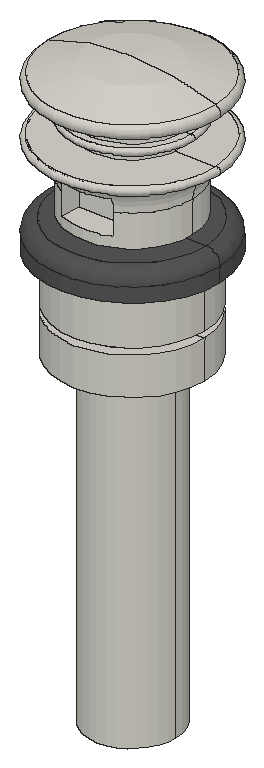
Revit family "Pop_Up_Drain-Push-American_Standard-Universal-8888XXX_Series", category Plumbing Fixtures, Revit 2019
Family settings
  Round Connector Dimension = Use Diameter
  Part Type = Normal
  OmniClass Number = 23.45.55.21
  OmniClass Title = Drains (Wastes)
  Work Plane-Based = Yes
  Always vertical = No
  Cut with Voids When Loaded = No
  Shared = Yes
  Room Calculation Point = No
Parameters (values of type "8888095.295")
  Waste Connection Diameter = 1 1/4"  # constant formula
  Waste Connection = yes
  WFU = 2  # constant formula
  Void Extrusion Distance = 1/2"
  Vent Connection = no
  URL = "https://www.americanstandard.ca"
  Product Page URL = "https://www.americanstandard.ca/bath-shower-trim-kits/push-pop-up-drain-with-overflow/polished-nickel-8888095295"
  Product Documentation Link = "https://lixil.cdn.celum.cloud/143855_spec_8888095_Push_pop_up_drain_lav_faucets_original.pdf"
  Model = "8888095.295"
  Material = "Brass-American Standard-295-Brushed Nickel"
  Manufacturer = "American Standard"
  Installation Type = "Lavatory Sink Inside"
  IAPMO Compliance = "These products meet or exceed:ASME A112.18.1, CSA B125.2"
  Height = 8 1/2"  # constant formula
  HWFU = 1.5  # constant formula
  HW Connection = no
  Finish = Brass-American Standard-295-Brushed Nickel
  Diameter = 2 1/2"  # constant formula
  Description = "Push Pop-up Drain With Overflow"
  Default Elevation = 0"
  Creation Date = "01/25/2023"  # constant formula
  CWFU = 1.5  # constant formula
  CW Connection = no
  Assembly Code = "D2040100"
  ADA Compliant = yes
Types (8): name | Void Extrusion Distance | Product Page URL | Model | Material | Finish | Description
  8888095.002 | 1/2" | "https://www.americanstandard.ca/bath-shower-trim-kits/push-pop-up-drain-with-overflow/chrome-8888095002" | "8888095.002" | "Brass-American Standard-002-Polished Chrome" | Brass-American Standard-002-Polished Chrome | "Push Pop-up Drain With Overflow"
  8888095.013 | 1/2" | "https://www.americanstandard.ca/bath-shower-trim-kits/push-pop-up-drain-with-overflow/polished-nickel-8888095013" | "8888095.013" | "Brass-American Standard-013-Polished Nickel" | Brass-American Standard-013-Polished Nickel | "Push Pop-up Drain With Overflow"
  8888095.278 | 1/2" | "https://www.americanstandard.ca/bath-shower-trim-kits/push-pop-up-drain-with-overflow/polished-nickel-8888095278" | "8888095.278" | "Brass-American Standard-278-Legacy Bronze" | Brass-American Standard-278-Legacy Bronze | "Push Pop-up Drain With Overflow"
  8888095.295 | 1/2" | "https://www.americanstandard.ca/bath-shower-trim-kits/push-pop-up-drain-with-overflow/polished-nickel-8888095295" | "8888095.295" | "Brass-American Standard-295-Brushed Nickel" | Brass-American Standard-295-Brushed Nickel | "Push Pop-up Drain With Overflow"
  8888112.002 | 1" | "https://www.americanstandard.ca/bathroom-faucet-parts/push-pop-up-drain-without-overflow/chrome-8888112002" | "8888112.002" | "Brass-American Standard-002-Polished Chrome" | Brass-American Standard-002-Polished Chrome | "Push Pop-up Drain Without Overflow"
  8888112.295 | 1" | "https://www.americanstandard.ca/bathroom-faucet-parts/push-pop-up-drain-without-overflow/chrome-8888112295" | "8888112.295" | "Brass-American Standard-295-Brushed Nickel" | Brass-American Standard-295-Brushed Nickel | "Push Pop-up Drain Without Overflow"
  8888112.013 | 1" | "https://www.americanstandard.ca/bathroom-faucet-parts/push-pop-up-drain-without-overflow/chrome-8888112113" | "8888112.013" | "Brass-American Standard-013-Polished Nickel" | Brass-American Standard-013-Polished Nickel | "Push Pop-up Drain Without Overflow"
  8888112.278 | 1" | "https://www.americanstandard.ca/bathroom-faucet-parts/push-pop-up-drain-without-overflow/chrome-8888112278" | "8888112.278" | "Brass-American Standard-278-Legacy Bronze" | Brass-American Standard-278-Legacy Bronze | "Push Pop-up Drain Without Overflow"
Reference planes (in)
  plane 1 "Center (Front/Back)": y = 0
  plane 2: z = 0
  plane 3 "Center (Left/Right)": x = 0
  plane 4: z = -8.5
  plane 5: x = -0.625
  plane 6: x = 0.625
  plane 7: z = -1
  plane 8: x = 1.25
  plane 9: x = -1.25
  plane 10: z = -1.33785
  plane 11: z = -1.83785
  plane 12: y = -1.5
  plane 13: y = -0.5
Forms (in)
  Revolve 1, solid, material "Brass-American Standard-295-Brushed Nickel" <- "Finish"
    sketch origin (0, 0, 0) x (1, 0, 0) y (0, 0, 1)
      loop
        line (0, -8.5) -> (0.625, -8.5) -> (0.625, -3.78688) -> (1.03485, -3.78688) -> (1.03485, -3.24974) -> (0.86906, -3.24974) -> (0.86906, -3.15026) -> (1.03485, -3.15026) -> (1.03485, -2.46391) -> (1.25, -2.46391) -> (1.25, -2.25677)
        arc (1.25, -2.25677) -> (1.19316, -2.11955) -> (1.05594, -2.06271) r 0.19406
        line (1.05594, -2.06271) -> (0.33855, -2.06271) -> (0.33855, -1.97982) -> (0.86906, -1.97982) -> (0.86906, -1.52598)
        arc (0.86906, -1.52598) -> (0.96397, -1.25787) -> (1.20643, -1.10918) r 0.42615
        arc (1.20643, -1.10918) -> (1.24982, -1.04941) -> (1.19493, -1) r 0.0552
        line (1.19493, -1) -> (0.46786, -1) -> (0.46786, -0.94578) -> (0.68259, -0.94578) -> (0.68259, -0.8612) -> (0.74026, -0.8612) -> (0.74026, -0.7971) -> (0.84592, -0.7971)
        arc (0.84592, -0.7971) -> (0.88952, -0.7535) -> (0.84592, -0.7099) r 0.0436
        line (0.84592, -0.7099) -> (0.74026, -0.7099) -> (0.74026, -0.40278) -> (1.1547, -0.40278)
        arc (1.1547, -0.40278) -> (1.24773, -0.32538) -> (1.18854, -0.21983) r 0.09461
        arc (1.18854, -0.21983) -> (0.60435, -0.05542) -> (0, 0) r 3.32288
        line (0, 0) -> (0, -8.5)
      axis (0, 0) -> (0, -8.5)
    angle from 0 to 360
  Extrusion 2, void
    sketch origin (0, 0, 0) x (1, 0, 0) y (0, 0, 1)
      loop
        line (-0.36924, -1.33785) -> (-0.36924, -1.83785) -> (0.36924, -1.83785) -> (0.36924, -1.33785) -> (-0.36924, -1.33785)
    from 0.5 to 1.5
Cuts and joins
  Extrusion 2 cuts Revolve 1
Lines and regions (in)
  Masking region 1
    outline origin (0, 0, 0) x (1, 0, 0) y (0, 1, 0)
      loop
        circle (0, 0) r 1.25
Dimensions and locks (in)
  "Height": level to plane 4
  Revolve 1 sketch curve to Revolve 1 sketch curve = 5/8"
  plane 6 to plane 5 = 1 1/4"
  plane 7 to plane 4 = 7 1/2"
  "Diameter": plane 9 to plane 8
  equal spacing: plane 9, plane 3 "Center (Left/Right)", plane 8
  equal spacing: Extrusion 2 sketch curve, plane 3 "Center (Left/Right)", Extrusion 2 sketch curve
  locked: plane 10 to plane 11 at 0.5
  locked: plane 12 to plane 1 "Center (Front/Back)" at 1.5
  "Void Extrusion Distance": plane 13 to plane 1 "Center (Front/Back)"
  aligned and locked: Extrusion 2 sketch curve to plane 10
  aligned and locked: plane 11 to Extrusion 2 sketch curve
  aligned and locked: plane 13 to Extrusion 2
  aligned and locked: Extrusion 2 to plane 12
Automatic sketch dimensions
  Revolve 1 sketch curve to plane 3 "Center (Left/Right)" = 0"  (x2)
  Revolve 1 sketch curve to plane 7 = 0"
  Revolve 1 sketch curve to plane 8 = 0"
  Revolve 1 sketch curve to plane 4 = 0"
  Revolve 1 sketch curve to level = 0"
  Revolve 1 sketch curve to plane 6 = 0.28645"
  Revolve 1 sketch curve to plane 6 = 0.15714"
  plane 6 to Revolve 1 sketch curve = 0.05759"
  plane 6 to Revolve 1 sketch curve = 0.11526"
  Revolve 1 sketch curve to Revolve 1 sketch curve = 0.05768"
  Revolve 1 sketch curve to Revolve 1 sketch curve = 0.10566"
  plane 6 to Revolve 1 sketch curve = 0.24406"  (x2)
  Revolve 1 sketch curve to Revolve 1 sketch curve = 0.21515"
  Revolve 1 sketch curve to plane 8 = 0.21515"
  Revolve 1 sketch curve to plane 8 = 0.19406"
  Revolve 1 sketch curve to plane 8 = 0.0953"
  Revolve 1 sketch curve to plane 8 = 0.05507"
  plane 8 to Revolve 1 sketch curve = 0.04521"
  Revolve 1 sketch curve to plane 7 = 2.78688"
  Revolve 1 sketch curve to Revolve 1 sketch curve = 0.464"
  Revolve 1 sketch curve to Revolve 1 sketch curve = 0.53714"
  Revolve 1 sketch curve to Revolve 1 sketch curve = 0.09947"
  Revolve 1 sketch curve to Revolve 1 sketch curve = 0.68635"
  Revolve 1 sketch curve to Revolve 1 sketch curve = 0.20714"
  Revolve 1 sketch curve to Revolve 1 sketch curve = 0.08289"
  Revolve 1 sketch curve to Revolve 1 sketch curve = 0.45384"
  Revolve 1 sketch curve to Revolve 1 sketch curve = 0.0552"
  plane 7 to Revolve 1 sketch curve = 0.05422"
  Revolve 1 sketch curve to Revolve 1 sketch curve = 0.08457"
  Revolve 1 sketch curve to Revolve 1 sketch curve = 0.0641"
  Revolve 1 sketch curve to Revolve 1 sketch curve = 0.0436"
  Revolve 1 sketch curve to Revolve 1 sketch curve = 0.30711"
  Revolve 1 sketch curve to Revolve 1 sketch curve = 0.09461"
  Revolve 1 sketch curve to plane 4 = 2 3/4"
  Revolve 1 sketch curve to Revolve 1 sketch curve = 4 1/4"
  plane 1 "Center (Front/Back)" to Masking region 1 sketch curve = 0"
  Masking region 1 sketch curve to plane 3 "Center (Left/Right)" = 0"
  plane 5 to Extrusion 2 sketch curve = 0.25576"
  radius of Masking region 1 sketch curve = 1 1/4"
Connectors (in)
  piping at (0, 0, -8.5), diameter 1.25, driven by "Waste Connection Diameter", driven by "WFU"
    settings: on cut or joined group of Revolve 1, Extrusion 2, index 1, connector inside diameter 24", connector length 0", flow factor 0, pipe flow 0 GPM, pressure drop 0.00 psi, fitting loss kfactor 0, connector angle 0.00°, fixture units 2, engagement length 0", angle of deflection 0.00°, flow configuration 3, flow direction 2, fitting loss method 0, system type 16, joint type 0, gender type 0, connector reference index -1, connector utility 0, adjustable connector no, is connector primary yes, connector description "1 1/4\" Waste Outlet Connection"
